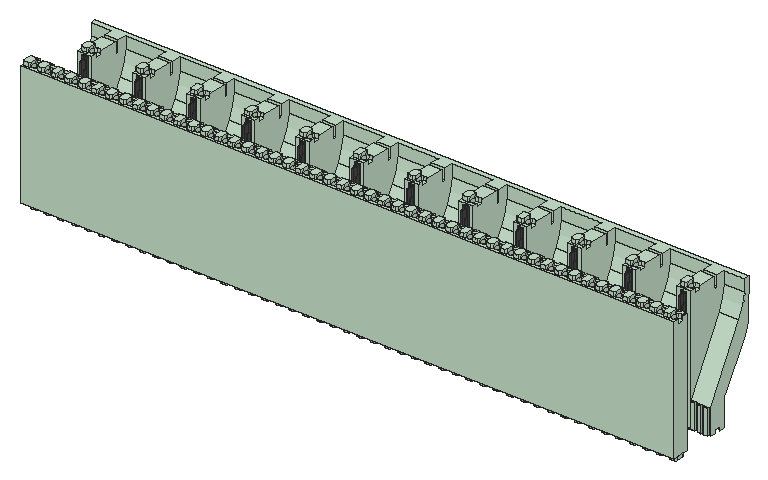
Revit family "ICF- NUDURA 4-inch- Brick Ledge Form Unit- Imperial", category Generic Models, Revit 2011 (continued)
Forms (in)
  Extrusion 166, solid, material "NUDURA Expanded Polystyrene Foam Insulation"
    sketch origin (0, -1, 0) x (0, 1, 0) y (0, 0, 1)
      loop
        line (9.425, 18) -> (8.125, 18) -> (8.125, 16.5)
        arc (8.125, 16.5) -> (7.875, 16.25) -> (7.625, 16.5) r 0.25
        line (7.625, 16.5) -> (7.625, 18) -> (3.25, 18) -> (3.25, 3.625) -> (8.425, 13)
        arc (8.425, 13) -> (9.05432, 14.58521) -> (9.425, 16.25) r 10.75
        line (9.425, 16.25) -> (9.425, 18)
    from 59 to 61
  Extrusion 167, solid, material "NUDURA Expanded Polystyrene Foam Insulation"
    sketch origin (0, -1, 0) x (0, 1, 0) y (0, 0, 1)
      loop
        line (9.425, 18) -> (8.125, 18) -> (8.125, 16.5)
        arc (8.125, 16.5) -> (7.875, 16.25) -> (7.625, 16.5) r 0.25
        line (7.625, 16.5) -> (7.625, 18) -> (3.25, 18) -> (3.25, 3.625) -> (8.425, 13)
        arc (8.425, 13) -> (9.05432, 14.58521) -> (9.425, 16.25) r 10.75
        line (9.425, 16.25) -> (9.425, 18)
    from 67 to 69
  Extrusion 168, solid, material "NUDURA Expanded Polystyrene Foam Insulation"
    sketch origin (0, -1, 0) x (0, 1, 0) y (0, 0, 1)
      loop
        line (9.425, 18) -> (8.125, 18) -> (8.125, 16.5)
        arc (8.125, 16.5) -> (7.875, 16.25) -> (7.625, 16.5) r 0.25
        line (7.625, 16.5) -> (7.625, 18) -> (3.25, 18) -> (3.25, 3.625) -> (8.425, 13)
        arc (8.425, 13) -> (9.05432, 14.58521) -> (9.425, 16.25) r 10.75
        line (9.425, 16.25) -> (9.425, 18)
    from 75 to 77
  Extrusion 169, solid, material "NUDURA Expanded Polystyrene Foam Insulation"
    sketch origin (0, -1, 0) x (0, 1, 0) y (0, 0, 1)
      loop
        line (9.425, 18) -> (8.125, 18) -> (8.125, 16.5)
        arc (8.125, 16.5) -> (7.875, 16.25) -> (7.625, 16.5) r 0.25
        line (7.625, 16.5) -> (7.625, 18) -> (3.25, 18) -> (3.25, 3.625) -> (8.425, 13)
        arc (8.425, 13) -> (9.05432, 14.58521) -> (9.425, 16.25) r 10.75
        line (9.425, 16.25) -> (9.425, 18)
    from 83 to 85
  Extrusion 170, solid, material "NUDURA Expanded Polystyrene Foam Insulation"
    sketch origin (0, -1, 0) x (0, 1, 0) y (0, 0, 1)
      loop
        line (9.425, 18) -> (8.125, 18) -> (8.125, 16.5)
        arc (8.125, 16.5) -> (7.875, 16.25) -> (7.625, 16.5) r 0.25
        line (7.625, 16.5) -> (7.625, 18) -> (3.25, 18) -> (3.25, 3.625) -> (8.425, 13)
        arc (8.425, 13) -> (9.05432, 14.58521) -> (9.425, 16.25) r 10.75
        line (9.425, 16.25) -> (9.425, 18)
    from 91 to 93
  Extrusion 171, solid, material "NUDURA Expanded Polystyrene Foam Insulation"
    sketch origin (0, -1, 0) x (1, 0, 0) y (0, 1, 0)
      loop
        line (95.21883, 3) -> (95.78117, 3) -> (95.71883, 3.25) -> (95.28117, 3.25) -> (95.21883, 3)
      loop
        line (94.21883, 3) -> (94.78117, 3) -> (94.71883, 3.25) -> (94.28117, 3.25) -> (94.21883, 3)
      loop
        line (93.21883, 3) -> (93.78117, 3) -> (93.71883, 3.25) -> (93.28117, 3.25) -> (93.21883, 3)
      loop
        line (90.21883, 3) -> (90.78117, 3) -> (90.71883, 3.25) -> (90.28117, 3.25) -> (90.21883, 3)
      loop
        line (89.21883, 3) -> (89.78117, 3) -> (89.71883, 3.25) -> (89.28117, 3.25) -> (89.21883, 3)
      loop
        line (88.21883, 3) -> (88.78117, 3) -> (88.71883, 3.25) -> (88.28117, 3.25) -> (88.21883, 3)
      loop
        line (87.21883, 3) -> (87.78117, 3) -> (87.71883, 3.25) -> (87.28117, 3.25) -> (87.21883, 3)
      loop
        line (86.21883, 3) -> (86.78117, 3) -> (86.71883, 3.25) -> (86.28117, 3.25) -> (86.21883, 3)
      loop
        line (85.21883, 3) -> (85.78117, 3) -> (85.71883, 3.25) -> (85.28117, 3.25) -> (85.21883, 3)
      loop
        line (82.21883, 3) -> (82.78117, 3) -> (82.71883, 3.25) -> (82.28117, 3.25) -> (82.21883, 3)
      loop
        line (81.21883, 3) -> (81.78117, 3) -> (81.71883, 3.25) -> (81.28117, 3.25) -> (81.21883, 3)
      loop
        line (80.21883, 3) -> (80.78117, 3) -> (80.71883, 3.25) -> (80.28117, 3.25) -> (80.21883, 3)
      loop
        line (79.21883, 3) -> (79.78117, 3) -> (79.71883, 3.25) -> (79.28117, 3.25) -> (79.21883, 3)
      loop
        line (78.21883, 3) -> (78.78117, 3) -> (78.71883, 3.25) -> (78.28117, 3.25) -> (78.21883, 3)
      loop
        line (77.21883, 3) -> (77.78117, 3) -> (77.71883, 3.25) -> (77.28117, 3.25) -> (77.21883, 3)
      loop
        line (74.21883, 3) -> (74.78117, 3) -> (74.71883, 3.25) -> (74.28117, 3.25) -> (74.21883, 3)
      loop
        line (73.21883, 3) -> (73.78117, 3) -> (73.71883, 3.25) -> (73.28117, 3.25) -> (73.21883, 3)
      loop
        line (72.21883, 3) -> (72.78117, 3) -> (72.71883, 3.25) -> (72.28117, 3.25) -> (72.21883, 3)
      loop
        line (71.21883, 3) -> (71.78117, 3) -> (71.71883, 3.25) -> (71.28117, 3.25) -> (71.21883, 3)
      loop
        line (70.21883, 3) -> (70.78117, 3) -> (70.71883, 3.25) -> (70.28117, 3.25) -> (70.21883, 3)
      loop
        line (69.21883, 3) -> (69.78117, 3) -> (69.71883, 3.25) -> (69.28117, 3.25) -> (69.21883, 3)
      loop
        line (66.21883, 3) -> (66.78117, 3) -> (66.71883, 3.25) -> (66.28117, 3.25) -> (66.21883, 3)
      loop
        line (65.21883, 3) -> (65.78117, 3) -> (65.71883, 3.25) -> (65.28117, 3.25) -> (65.21883, 3)
      loop
        line (64.21883, 3) -> (64.78117, 3) -> (64.71883, 3.25) -> (64.28117, 3.25) -> (64.21883, 3)
      loop
        line (63.21883, 3) -> (63.78117, 3) -> (63.71883, 3.25) -> (63.28117, 3.25) -> (63.21883, 3)
      loop
        line (62.21883, 3) -> (62.78117, 3) -> (62.71883, 3.25) -> (62.28117, 3.25) -> (62.21883, 3)
      loop
        line (61.21883, 3) -> (61.78117, 3) -> (61.71883, 3.25) -> (61.28117, 3.25) -> (61.21883, 3)
      loop
        line (58.21883, 3) -> (58.78117, 3) -> (58.71883, 3.25) -> (58.28117, 3.25) -> (58.21883, 3)
      loop
        line (57.21883, 3) -> (57.78117, 3) -> (57.71883, 3.25) -> (57.28117, 3.25) -> (57.21883, 3)
      loop
        line (56.21883, 3) -> (56.78117, 3) -> (56.71883, 3.25) -> (56.28117, 3.25) -> (56.21883, 3)
      loop
        line (55.21883, 3) -> (55.78117, 3) -> (55.71883, 3.25) -> (55.28117, 3.25) -> (55.21883, 3)
      loop
        line (54.21883, 3) -> (54.78117, 3) -> (54.71883, 3.25) -> (54.28117, 3.25) -> (54.21883, 3)
      loop
        line (53.21883, 3) -> (53.78117, 3) -> (53.71883, 3.25) -> (53.28117, 3.25) -> (53.21883, 3)
      loop
        line (50.21883, 3) -> (50.78117, 3) -> (50.71883, 3.25) -> (50.28117, 3.25) -> (50.21883, 3)
      loop
        line (49.21883, 3) -> (49.78117, 3) -> (49.71883, 3.25) -> (49.28117, 3.25) -> (49.21883, 3)
      loop
        line (48.21883, 3) -> (48.78117, 3) -> (48.71883, 3.25) -> (48.28117, 3.25) -> (48.21883, 3)
      loop
        line (47.21883, 3) -> (47.78117, 3) -> (47.71883, 3.25) -> (47.28117, 3.25) -> (47.21883, 3)
      loop
        line (46.21883, 3) -> (46.78117, 3) -> (46.71883, 3.25) -> (46.28117, 3.25) -> (46.21883, 3)
      loop
        line (45.21883, 3) -> (45.78117, 3) -> (45.71883, 3.25) -> (45.28117, 3.25) -> (45.21883, 3)
      loop
        line (42.21883, 3) -> (42.78117, 3) -> (42.71883, 3.25) -> (42.28117, 3.25) -> (42.21883, 3)
      loop
        line (41.21883, 3) -> (41.78117, 3) -> (41.71883, 3.25) -> (41.28117, 3.25) -> (41.21883, 3)
      loop
        line (40.21883, 3) -> (40.78117, 3) -> (40.71883, 3.25) -> (40.28117, 3.25) -> (40.21883, 3)
      loop
        line (39.21883, 3) -> (39.78117, 3) -> (39.71883, 3.25) -> (39.28117, 3.25) -> (39.21883, 3)
      loop
        line (38.21883, 3) -> (38.78117, 3) -> (38.71883, 3.25) -> (38.28117, 3.25) -> (38.21883, 3)
      loop
        line (37.21883, 3) -> (37.78117, 3) -> (37.71883, 3.25) -> (37.28117, 3.25) -> (37.21883, 3)
      loop
        line (34.21883, 3) -> (34.78117, 3) -> (34.71883, 3.25) -> (34.28117, 3.25) -> (34.21883, 3)
      loop
        line (33.21883, 3) -> (33.78117, 3) -> (33.71883, 3.25) -> (33.28117, 3.25) -> (33.21883, 3)
      loop
        line (32.21883, 3) -> (32.78117, 3) -> (32.71883, 3.25) -> (32.28117, 3.25) -> (32.21883, 3)
      loop
        line (31.21883, 3) -> (31.78117, 3) -> (31.71883, 3.25) -> (31.28117, 3.25) -> (31.21883, 3)
      loop
        line (30.21883, 3) -> (30.78117, 3) -> (30.71883, 3.25) -> (30.28117, 3.25) -> (30.21883, 3)
      loop
        line (29.21883, 3) -> (29.78117, 3) -> (29.71883, 3.25) -> (29.28117, 3.25) -> (29.21883, 3)
      loop
        line (26.21883, 3) -> (26.78117, 3) -> (26.71883, 3.25) -> (26.28117, 3.25) -> (26.21883, 3)
      loop
        line (25.21883, 3) -> (25.78117, 3) -> (25.71883, 3.25) -> (25.28117, 3.25) -> (25.21883, 3)
      loop
        line (24.21883, 3) -> (24.78117, 3) -> (24.71883, 3.25) -> (24.28117, 3.25) -> (24.21883, 3)
      loop
        line (23.21883, 3) -> (23.78117, 3) -> (23.71883, 3.25) -> (23.28117, 3.25) -> (23.21883, 3)
      loop
        line (22.21883, 3) -> (22.78117, 3) -> (22.71883, 3.25) -> (22.28117, 3.25) -> (22.21883, 3)
      loop
        line (21.21883, 3) -> (21.78117, 3) -> (21.71883, 3.25) -> (21.28117, 3.25) -> (21.21883, 3)
      loop
        line (18.21883, 3) -> (18.78117, 3) -> (18.71883, 3.25) -> (18.28117, 3.25) -> (18.21883, 3)
      loop
        line (17.21883, 3) -> (17.78117, 3) -> (17.71883, 3.25) -> (17.28117, 3.25) -> (17.21883, 3)
      loop
        line (16.21883, 3) -> (16.78117, 3) -> (16.71883, 3.25) -> (16.28117, 3.25) -> (16.21883, 3)
      loop
        line (15.21883, 3) -> (15.78117, 3) -> (15.71883, 3.25) -> (15.28117, 3.25) -> (15.21883, 3)
      loop
        line (14.21883, 3) -> (14.78117, 3) -> (14.71883, 3.25) -> (14.28117, 3.25) -> (14.21883, 3)
      loop
        line (13.21883, 3) -> (13.78117, 3) -> (13.71883, 3.25) -> (13.28117, 3.25) -> (13.21883, 3)
      loop
        line (10.21883, 3) -> (10.78117, 3) -> (10.71883, 3.25) -> (10.28117, 3.25) -> (10.21883, 3)
      loop
        line (9.21883, 3) -> (9.78117, 3) -> (9.71883, 3.25) -> (9.28117, 3.25) -> (9.21883, 3)
      loop
        line (8.21883, 3) -> (8.78117, 3) -> (8.71883, 3.25) -> (8.28117, 3.25) -> (8.21883, 3)
      loop
        line (7.21883, 3) -> (7.78117, 3) -> (7.71883, 3.25) -> (7.28117, 3.25) -> (7.21883, 3)
      loop
        line (6.21883, 3) -> (6.78117, 3) -> (6.71883, 3.25) -> (6.28117, 3.25) -> (6.21883, 3)
      loop
        line (5.21883, 3) -> (5.78117, 3) -> (5.71883, 3.25) -> (5.28117, 3.25) -> (5.21883, 3)
      loop
        line (2.21883, 3) -> (2.78117, 3) -> (2.71883, 3.25) -> (2.28117, 3.25) -> (2.21883, 3)
      loop
        line (1.21883, 3) -> (1.78117, 3) -> (1.71883, 3.25) -> (1.28117, 3.25) -> (1.21883, 3)
      loop
        line (0.21883, 3) -> (0.78117, 3) -> (0.71883, 3.25) -> (0.28117, 3.25) -> (0.21883, 3)
    from 0 to 3.625
Cuts and joins
  Extrusion 2, Extrusion 3, Extrusion 4, Extrusion 5, Extrusion 6, Extrusion 7, Extrusion 8, Extrusion 9, Extrusion 10, Extrusion 11, Extrusion 12, Extrusion 13, Extrusion 14, Extrusion 15, Extrusion 16, Extrusion 17, Extrusion 18, Extrusion 19, Extrusion 20, Extrusion 21, Extrusion 22, Extrusion 23, Extrusion 24, Extrusion 25, Extrusion 26, Extrusion 27, Extrusion 28, Extrusion 29, Extrusion 30, Extrusion 31, Extrusion 32, Extrusion 33, Extrusion 34, Extrusion 35, Extrusion 36, Extrusion 37, Extrusion 38, Extrusion 39, Extrusion 40, Extrusion 41, Extrusion 42, Extrusion 43, Extrusion 44, Extrusion 45, Extrusion 46, Extrusion 47, Extrusion 48, Extrusion 49, Extrusion 50, Extrusion 51, Extrusion 52, Extrusion 53, Extrusion 54, Extrusion 55, Extrusion 56, Extrusion 57, Extrusion 58, Extrusion 59, Extrusion 60, Extrusion 61, Extrusion 62, Extrusion 63, Extrusion 64, Extrusion 65, Extrusion 66, Extrusion 67, Extrusion 68, Extrusion 69, Extrusion 70, Extrusion 71, Extrusion 72, Extrusion 73, Extrusion 74, Extrusion 75, Extrusion 76, Extrusion 77, Extrusion 78, Extrusion 79, Extrusion 80, Extrusion 81, Extrusion 82, Extrusion 83, Extrusion 84, Extrusion 85, Extrusion 86, Extrusion 87, Extrusion 88, Extrusion 89, Extrusion 90, Extrusion 91, Extrusion 92, Extrusion 93, Extrusion 94, Extrusion 95, Extrusion 96, Extrusion 97, Extrusion 98, Extrusion 99, Extrusion 100, Extrusion 101, Extrusion 102, Extrusion 103, Extrusion 104, Extrusion 105, Extrusion 106, Extrusion 107, Extrusion 108, Extrusion 109, Extrusion 110, Extrusion 111, Extrusion 112, Extrusion 113, Extrusion 114, Extrusion 115, Extrusion 116, Extrusion 117, Extrusion 118, Extrusion 119, Extrusion 120, Extrusion 121, Extrusion 122, Extrusion 123, Extrusion 124, Extrusion 125, Extrusion 126, Extrusion 127, Extrusion 128, Extrusion 129, Extrusion 130, Extrusion 131, Extrusion 132, Extrusion 133, Extrusion 134, Extrusion 135, Extrusion 136, Extrusion 137, Extrusion 138, Extrusion 139, Extrusion 140, Extrusion 141, Extrusion 142, Extrusion 143, Extrusion 144, Extrusion 145, Extrusion 146, Extrusion 147, Extrusion 148, Extrusion 149, Extrusion 150, Extrusion 151, Extrusion 152, Extrusion 153, Extrusion 154, Extrusion 155, Extrusion 156, Extrusion 157 cuts Extrusion 1
  Extrusion 110, Extrusion 111, Extrusion 112, Extrusion 113, Extrusion 114, Extrusion 115, Extrusion 116, Extrusion 117, Extrusion 118, Extrusion 119, Extrusion 120, Extrusion 121, Extrusion 122, Extrusion 123, Extrusion 124, Extrusion 125, Extrusion 126, Extrusion 127, Extrusion 128, Extrusion 129, Extrusion 130, Extrusion 131, Extrusion 132, Extrusion 133, Extrusion 134, Extrusion 135, Extrusion 136, Extrusion 137, Extrusion 138, Extrusion 139, Extrusion 140, Extrusion 141, Extrusion 142, Extrusion 143, Extrusion 144, Extrusion 145, Extrusion 146, Extrusion 147, Extrusion 148, Extrusion 149, Extrusion 150, Extrusion 151, Extrusion 152, Extrusion 153, Extrusion 154, Extrusion 155, Extrusion 156, Extrusion 157 cuts Extrusion 158
  Extrusion 61 cuts Extrusion 159
  Extrusion 60 cuts Extrusion 160
  Extrusion 59 cuts Extrusion 161
  Extrusion 58 cuts Extrusion 162
  Extrusion 57 cuts Extrusion 163
  Extrusion 56 cuts Extrusion 164
  Extrusion 55 cuts Extrusion 165
  Extrusion 54 cuts Extrusion 166
  Extrusion 53 cuts Extrusion 167
  Extrusion 52 cuts Extrusion 168
  Extrusion 51 cuts Extrusion 169
  Extrusion 50 cuts Extrusion 170
  joined: Extrusion 158, Extrusion 159, Extrusion 160, Extrusion 161, Extrusion 162, Extrusion 163, Extrusion 164, Extrusion 165, Extrusion 166, Extrusion 167, Extrusion 168, Extrusion 169, Extrusion 170, Extrusion 171
Lines and regions (in)
  model lines
    curve 1: line (8, -4.625, 18) -> (8, -4.625, 0)
Dimensions and locks (in)
  locked: plane 3 "Center (Left/Right)" to plane 4 at 96
  locked: plane 6 to plane 5 at 4
  locked: plane 5 to plane 7 at 2.625
  locked: plane 8 to plane 6 at 2.625
  locked: plane 9 to level at 18
  locked: plane 4 to plane 3 "Center (Left/Right)" at 96
  locked: plane 9 to plane 10 at 0.5
  locked: plane 11 to level at 0.5
  aligned and locked: plane 9 to Extrusion 1
  aligned and locked: Extrusion 1 to plane 3 "Center (Left/Right)"
  aligned and locked: plane 4 to Extrusion 1
  aligned and locked: level to Extrusion 1
  aligned and locked: nested 1 to plane 8
  aligned and locked: nested 115 to cut or joined group 1 (Extrusion 1, Extrusion 2, Extrusion 3, Extrusion 4, Extrusion 5, Extrusion 6, Extrusion 7, Extrusion 8, Extrusion 9, Extrusion 10, Extrusion 11, Extrusion 12, Extrusion 13, Extrusion 14, Extrusion 15, Extrusion 16, Extrusion 17, Extrusion 18, Extrusion 19, Extrusion 20, Extrusion 21, Extrusion 22, Extrusion 23, Extrusion 24, Extrusion 25, Extrusion 26, Extrusion 27, Extrusion 28, Extrusion 29, Extrusion 30, Extrusion 31, Extrusion 32, Extrusion 33, Extrusion 34, Extrusion 35, Extrusion 36, Extrusion 37, Extrusion 38, Extrusion 39, Extrusion 40, Extrusion 41, Extrusion 42, Extrusion 43, Extrusion 44, Extrusion 45, Extrusion 46, Extrusion 47, Extrusion 48, Extrusion 49, Extrusion 50, Extrusion 51, Extrusion 52, Extrusion 53, Extrusion 54, Extrusion 55, Extrusion 56, Extrusion 57, Extrusion 58, Extrusion 59, Extrusion 60, Extrusion 61, Extrusion 62, Extrusion 63, Extrusion 64, Extrusion 65, Extrusion 66, Extrusion 67, Extrusion 68, Extrusion 69, Extrusion 70, Extrusion 71, Extrusion 72, Extrusion 73, Extrusion 74, Extrusion 75, Extrusion 76, Extrusion 77, Extrusion 78, Extrusion 79, Extrusion 80, Extrusion 81, Extrusion 82, Extrusion 83, Extrusion 84, Extrusion 85, Extrusion 86, Extrusion 87, Extrusion 88, Extrusion 89, Extrusion 90, Extrusion 91, Extrusion 92, Extrusion 93, Extrusion 94, Extrusion 95, Extrusion 96, Extrusion 97, Extrusion 98, Extrusion 99, Extrusion 100, Extrusion 101, Extrusion 102, Extrusion 103, Extrusion 104, Extrusion 105, Extrusion 106, Extrusion 107, Extrusion 108, Extrusion 109, Extrusion 110, Extrusion 111, Extrusion 112, Extrusion 113, Extrusion 114, Extrusion 115, Extrusion 116, Extrusion 117, Extrusion 118, Extrusion 119, Extrusion 120, Extrusion 121, Extrusion 122, Extrusion 123, Extrusion 124, Extrusion 125, Extrusion 126, Extrusion 127, Extrusion 128, Extrusion 129, Extrusion 130, Extrusion 131, Extrusion 132, Extrusion 133, Extrusion 134, Extrusion 135, Extrusion 136, Extrusion 137, Extrusion 138, Extrusion 139, Extrusion 140, Extrusion 141, Extrusion 142, Extrusion 143, Extrusion 144, Extrusion 145, Extrusion 146, Extrusion 147, Extrusion 148, Extrusion 149, Extrusion 150, Extrusion 151, Extrusion 152, Extrusion 153, Extrusion 154, Extrusion 155, Extrusion 156, Extrusion 157)
  aligned and locked: cut or joined group 1 to cut or joined group 2 (Extrusion 50, Extrusion 51, Extrusion 52, Extrusion 53, Extrusion 54, Extrusion 55, Extrusion 56, Extrusion 57, Extrusion 58, Extrusion 59, Extrusion 60, Extrusion 61, Extrusion 110, Extrusion 111, Extrusion 112, Extrusion 113, Extrusion 114, Extrusion 115, Extrusion 116, Extrusion 117, Extrusion 118, Extrusion 119, Extrusion 120, Extrusion 121, Extrusion 122, Extrusion 123, Extrusion 124, Extrusion 125, Extrusion 126, Extrusion 127, Extrusion 128, Extrusion 129, Extrusion 130, Extrusion 131, Extrusion 132, Extrusion 133, Extrusion 134, Extrusion 135, Extrusion 136, Extrusion 137, Extrusion 138, Extrusion 139, Extrusion 140, Extrusion 141, Extrusion 142, Extrusion 143, Extrusion 144, Extrusion 145, Extrusion 146, Extrusion 147, Extrusion 148, Extrusion 149, Extrusion 150, Extrusion 151, Extrusion 152, Extrusion 153, Extrusion 154, Extrusion 155, Extrusion 156, Extrusion 157, Extrusion 158, Extrusion 159, Extrusion 160, Extrusion 161, Extrusion 162, Extrusion 163, Extrusion 164, Extrusion 165, Extrusion 166, Extrusion 167, Extrusion 168, Extrusion 169, Extrusion 170, Extrusion 171)
  aligned and locked: cut or joined group 2 to nested 169
  aligned and locked: cut or joined group 2 to nested 170
Nested families (in)
  nested 1: "NUDURA Diamond Pattern" at (0, 1, 0), type "NUDURA Diamond Pattern"
  nested 2: "NUDURA Diamond Pattern" at (16, 1, 0), type "NUDURA Diamond Pattern"
  nested 3: "NUDURA Diamond Pattern" at (24, 1, 0), type "NUDURA Diamond Pattern"
  nested 4: "NUDURA Diamond Pattern" at (40, 1, 0), type "NUDURA Diamond Pattern"
  nested 5: "NUDURA Diamond Pattern" at (48, 1, 0), type "NUDURA Diamond Pattern"
  nested 6: "NUDURA Diamond Pattern" at (64, 1, 0), type "NUDURA Diamond Pattern"
  nested 7: "NUDURA Diamond Pattern" at (72, 1, 0), type "NUDURA Diamond Pattern"
  nested 8: "NUDURA Diamond Pattern" at (88, 1, 0), type "NUDURA Diamond Pattern"
  nested 9: "Interlock Tooth" at (0, 1, 0), type "Interlock Tooth"
  nested 10: "Interlock Tooth" at (2, 1, 0), type "Interlock Tooth"
  nested 11: "Interlock Tooth" at (4, 1, 0), type "Interlock Tooth"
  nested 12: "Interlock Tooth" at (6, 1, 0), type "Interlock Tooth"
  nested 13: "Interlock Tooth" at (8, 1, 0), type "Interlock Tooth"
  nested 14: "Interlock Tooth" at (10, 1, 0), type "Interlock Tooth"
  nested 15: "Interlock Tooth" at (12, 1, 0), type "Interlock Tooth"
  nested 16: "Interlock Tooth" at (14, 1, 0), type "Interlock Tooth"
  nested 17: "Interlock Tooth" at (16, 1, 0), type "Interlock Tooth"
  nested 18: "Interlock Tooth" at (18, 1, 0), type "Interlock Tooth"
  nested 19: "Interlock Tooth" at (20, 1, 0), type "Interlock Tooth"
  nested 20: "Interlock Tooth" at (22, 1, 0), type "Interlock Tooth"
  nested 21: "Interlock Tooth" at (24, 1, 0), type "Interlock Tooth"
  nested 22: "Interlock Tooth" at (26, 1, 0), type "Interlock Tooth"
  nested 23: "Interlock Tooth" at (28, 1, 0), type "Interlock Tooth"
  nested 24: "Interlock Tooth" at (30, 1, 0), type "Interlock Tooth"
  nested 25: "Interlock Tooth" at (32, 1, 0), type "Interlock Tooth"
  nested 26: "Interlock Tooth" at (34, 1, 0), type "Interlock Tooth"
  nested 27: "Interlock Tooth" at (36, 1, 0), type "Interlock Tooth"
  nested 28: "Interlock Tooth" at (38, 1, 0), type "Interlock Tooth"
  nested 29: "Interlock Tooth" at (40, 1, 0), type "Interlock Tooth"
  nested 30: "Interlock Tooth" at (42, 1, 0), type "Interlock Tooth"
  nested 31: "Interlock Tooth" at (44, 1, 0), type "Interlock Tooth"
  nested 32: "Interlock Tooth" at (46, 1, 0), type "Interlock Tooth"
  nested 33: "Interlock Tooth" at (48, 1, 0), type "Interlock Tooth"
  nested 34: "Interlock Tooth" at (50, 1, 0), type "Interlock Tooth"
  nested 35: "Interlock Tooth" at (52, 1, 0), type "Interlock Tooth"
  nested 36: "Interlock Tooth" at (54, 1, 0), type "Interlock Tooth"
  nested 37: "Interlock Tooth" at (56, 1, 0), type "Interlock Tooth"
  nested 38: "Interlock Tooth" at (58, 1, 0), type "Interlock Tooth"
  nested 39: "Interlock Tooth" at (60, 1, 0), type "Interlock Tooth"
  nested 40: "Interlock Tooth" at (62, 1, 0), type "Interlock Tooth"
  nested 41: "Interlock Tooth" at (64, 1, 0), type "Interlock Tooth"
  nested 42: "Interlock Tooth" at (66, 1, 0), type "Interlock Tooth"
  nested 43: "Interlock Tooth" at (68, 1, 0), type "Interlock Tooth"
  nested 44: "Interlock Tooth" at (70, 1, 0), type "Interlock Tooth"
  nested 45: "Interlock Tooth" at (72, 1, 0), type "Interlock Tooth"
  nested 46: "Interlock Tooth" at (74, 1, 0), type "Interlock Tooth"
  nested 47: "Interlock Tooth" at (76, 1, 0), type "Interlock Tooth"
  nested 48: "Interlock Tooth" at (78, 1, 0), type "Interlock Tooth"
  nested 49: "Interlock Tooth" at (80, 1, 0), type "Interlock Tooth"
  nested 50: "Interlock Tooth" at (82, 1, 0), type "Interlock Tooth"
  nested 51: "Interlock Tooth" at (84, 1, 0), type "Interlock Tooth"
  nested 52: "Interlock Tooth" at (86, 1, 0), type "Interlock Tooth"
  nested 53: "Interlock Tooth" at (88, 1, 0), type "Interlock Tooth"
  nested 54: "Interlock Tooth" at (90, 1, 0), type "Interlock Tooth"
  nested 55: "Interlock Tooth" at (92, 1, 0), type "Interlock Tooth"
  nested 56: "Interlock Tooth" at (94, 1, 0), type "Interlock Tooth"
  nested 57: "Interlock Tooth" at (3, 7.875, 0), type "Interlock Tooth"
  nested 58: "Interlock Tooth" at (11, 7.875, 0), type "Interlock Tooth"
  nested 59: "Interlock Tooth" at (19, 7.875, 0), type "Interlock Tooth"
  nested 60: "Interlock Tooth" at (27, 7.875, 0), type "Interlock Tooth"
  nested 61: "Interlock Tooth" at (35, 7.875, 0), type "Interlock Tooth"
  nested 62: "Interlock Tooth" at (43, 7.875, 0), type "Interlock Tooth"
  nested 63: "Interlock Tooth" at (51, 7.875, 0), type "Interlock Tooth"
  nested 64: "Interlock Tooth" at (59, 7.875, 0), type "Interlock Tooth"
  nested 65: "Interlock Tooth" at (67, 7.875, 0), type "Interlock Tooth"
  nested 66: "Interlock Tooth" at (75, 7.875, 0), type "Interlock Tooth"
  nested 67: "Interlock Tooth" at (83, 7.875, 0), type "Interlock Tooth"
  nested 68: "Interlock Tooth" at (91, 7.875, 0), type "Interlock Tooth"
  nested 69: "Interlock Tooth" at (1, -7.875, -18.5), type "Interlock Tooth"
  nested 70: "Interlock Tooth" at (3, -7.875, -18.5), type "Interlock Tooth"
  nested 71: "Interlock Tooth" at (5, -7.875, -18.5), type "Interlock Tooth"
  nested 72: "Interlock Tooth" at (7, -7.875, -18.5), type "Interlock Tooth"
  nested 73: "Interlock Tooth" at (9, -7.875, -18.5), type "Interlock Tooth"
  nested 74: "Interlock Tooth" at (11, -7.875, -18.5), type "Interlock Tooth"
  nested 75: "Interlock Tooth" at (13, -7.875, -18.5), type "Interlock Tooth"
  nested 76: "Interlock Tooth" at (15, -7.875, -18.5), type "Interlock Tooth"
  nested 77: "Interlock Tooth" at (17, -7.875, -18.5), type "Interlock Tooth"
  nested 78: "Interlock Tooth" at (19, -7.875, -18.5), type "Interlock Tooth"
  nested 79: "Interlock Tooth" at (21, -7.875, -18.5), type "Interlock Tooth"
  nested 80: "Interlock Tooth" at (23, -7.875, -18.5), type "Interlock Tooth"
  nested 81: "Interlock Tooth" at (25, -7.875, -18.5), type "Interlock Tooth"
  nested 82: "Interlock Tooth" at (27, -7.875, -18.5), type "Interlock Tooth"
  nested 83: "Interlock Tooth" at (29, -7.875, -18.5), type "Interlock Tooth"
  nested 84: "Interlock Tooth" at (31, -7.875, -18.5), type "Interlock Tooth"
  nested 85: "Interlock Tooth" at (33, -7.875, -18.5), type "Interlock Tooth"
  nested 86: "Interlock Tooth" at (35, -7.875, -18.5), type "Interlock Tooth"
  nested 87: "Interlock Tooth" at (37, -7.875, -18.5), type "Interlock Tooth"
  nested 88: "Interlock Tooth" at (39, -7.875, -18.5), type "Interlock Tooth"
  nested 89: "Interlock Tooth" at (41, -7.875, -18.5), type "Interlock Tooth"
  nested 90: "Interlock Tooth" at (43, -7.875, -18.5), type "Interlock Tooth"
  nested 91: "Interlock Tooth" at (45, -7.875, -18.5), type "Interlock Tooth"
  nested 92: "Interlock Tooth" at (47, -7.875, -18.5), type "Interlock Tooth"
  nested 93: "Interlock Tooth" at (49, -7.875, -18.5), type "Interlock Tooth"
  nested 94: "Interlock Tooth" at (51, -7.875, -18.5), type "Interlock Tooth"
  nested 95: "Interlock Tooth" at (53, -7.875, -18.5), type "Interlock Tooth"
  nested 96: "Interlock Tooth" at (55, -7.875, -18.5), type "Interlock Tooth"
  nested 97: "Interlock Tooth" at (57, -7.875, -18.5), type "Interlock Tooth"
  nested 98: "Interlock Tooth" at (59, -7.875, -18.5), type "Interlock Tooth"
  nested 99: "Interlock Tooth" at (61, -7.875, -18.5), type "Interlock Tooth"
  nested 100: "Interlock Tooth" at (63, -7.875, -18.5), type "Interlock Tooth"
  nested 101: "Interlock Tooth" at (65, -7.875, -18.5), type "Interlock Tooth"
  nested 102: "Interlock Tooth" at (67, -7.875, -18.5), type "Interlock Tooth"
  nested 103: "Interlock Tooth" at (69, -7.875, -18.5), type "Interlock Tooth"
  nested 104: "Interlock Tooth" at (71, -7.875, -18.5), type "Interlock Tooth"
  nested 105: "Interlock Tooth" at (73, -7.875, -18.5), type "Interlock Tooth"
  nested 106: "Interlock Tooth" at (75, -7.875, -18.5), type "Interlock Tooth"
  nested 107: "Interlock Tooth" at (77, -7.875, -18.5), type "Interlock Tooth"
  nested 108: "Interlock Tooth" at (79, -7.875, -18.5), type "Interlock Tooth"
  nested 109: "Interlock Tooth" at (81, -7.875, -18.5), type "Interlock Tooth"
  nested 110: "Interlock Tooth" at (85, -7.875, -18.5), type "Interlock Tooth"
  nested 111: "Interlock Tooth" at (87, -7.875, -18.5), type "Interlock Tooth"
  nested 112: "Interlock Tooth" at (89, -7.875, -18.5), type "Interlock Tooth"
  nested 113: "Interlock Tooth" at (91, -7.875, -18.5), type "Interlock Tooth"
  nested 114: "Interlock Tooth" at (93, -7.875, -18.5), type "Interlock Tooth"
  nested 115: "Interlock Tooth" at (95, -7.875, -18.5), type "Interlock Tooth"
  nested 116: "Interlock Tooth" at (0, -1, -18.5), type "Interlock Tooth"
  nested 117: "Interlock Tooth" at (2, -1, -18.5), type "Interlock Tooth"
  nested 118: "Interlock Tooth" at (4, -1, -18.5), type "Interlock Tooth"
  nested 119: "Interlock Tooth" at (6, -1, -18.5), type "Interlock Tooth"
  nested 120: "Interlock Tooth" at (8, -1, -18.5), type "Interlock Tooth"
  nested 121: "Interlock Tooth" at (10, -1, -18.5), type "Interlock Tooth"
  nested 122: "Interlock Tooth" at (12, -1, -18.5), type "Interlock Tooth"
  nested 123: "Interlock Tooth" at (14, -1, -18.5), type "Interlock Tooth"
  nested 124: "Interlock Tooth" at (16, -1, -18.5), type "Interlock Tooth"
  nested 125: "Interlock Tooth" at (18, -1, -18.5), type "Interlock Tooth"
  nested 126: "Interlock Tooth" at (20, -1, -18.5), type "Interlock Tooth"
  nested 127: "Interlock Tooth" at (22, -1, -18.5), type "Interlock Tooth"
  nested 128: "Interlock Tooth" at (24, -1, -18.5), type "Interlock Tooth"
  nested 129: "Interlock Tooth" at (26, -1, -18.5), type "Interlock Tooth"
  nested 130: "Interlock Tooth" at (28, -1, -18.5), type "Interlock Tooth"
  nested 131: "Interlock Tooth" at (30, -1, -18.5), type "Interlock Tooth"
  nested 132: "Interlock Tooth" at (32, -1, -18.5), type "Interlock Tooth"
  nested 133: "Interlock Tooth" at (34, -1, -18.5), type "Interlock Tooth"
  nested 134: "Interlock Tooth" at (36, -1, -18.5), type "Interlock Tooth"
  nested 135: "Interlock Tooth" at (38, -1, -18.5), type "Interlock Tooth"
  nested 136: "Interlock Tooth" at (40, -1, -18.5), type "Interlock Tooth"
  nested 137: "Interlock Tooth" at (42, -1, -18.5), type "Interlock Tooth"
  nested 138: "Interlock Tooth" at (44, -1, -18.5), type "Interlock Tooth"
  nested 139: "Interlock Tooth" at (46, -1, -18.5), type "Interlock Tooth"
  nested 140: "Interlock Tooth" at (48, -1, -18.5), type "Interlock Tooth"
  nested 141: "Interlock Tooth" at (50, -1, -18.5), type "Interlock Tooth"
  nested 142: "Interlock Tooth" at (52, -1, -18.5), type "Interlock Tooth"
  nested 143: "Interlock Tooth" at (54, -1, -18.5), type "Interlock Tooth"
  nested 144: "Interlock Tooth" at (56, -1, -18.5), type "Interlock Tooth"
  nested 145: "Interlock Tooth" at (58, -1, -18.5), type "Interlock Tooth"
  nested 146: "Interlock Tooth" at (60, -1, -18.5), type "Interlock Tooth"
  nested 147: "Interlock Tooth" at (62, -1, -18.5), type "Interlock Tooth"
  nested 148: "Interlock Tooth" at (64, -1, -18.5), type "Interlock Tooth"
  nested 149: "Interlock Tooth" at (66, -1, -18.5), type "Interlock Tooth"
  nested 150: "Interlock Tooth" at (68, -1, -18.5), type "Interlock Tooth"
  nested 151: "Interlock Tooth" at (70, -1, -18.5), type "Interlock Tooth"
  nested 152: "Interlock Tooth" at (72, -1, -18.5), type "Interlock Tooth"
  nested 153: "Interlock Tooth" at (74, -1, -18.5), type "Interlock Tooth"
  nested 154: "Interlock Tooth" at (76, -1, -18.5), type "Interlock Tooth"
  nested 155: "Interlock Tooth" at (78, -1, -18.5), type "Interlock Tooth"
  nested 156: "Interlock Tooth" at (80, -1, -18.5), type "Interlock Tooth"
  nested 157: "Interlock Tooth" at (82, -1, -18.5), type "Interlock Tooth"
  nested 158: "Interlock Tooth" at (84, -1, -18.5), type "Interlock Tooth"
  nested 159: "Interlock Tooth" at (86, -1, -18.5), type "Interlock Tooth"
  nested 160: "Interlock Tooth" at (88, -1, -18.5), type "Interlock Tooth"
  nested 161: "Interlock Tooth" at (90, -1, -18.5), type "Interlock Tooth"
  nested 162: "Interlock Tooth" at (92, -1, -18.5), type "Interlock Tooth"
  nested 163: "Interlock Tooth" at (94, -1, -18.5), type "Interlock Tooth"
  nested 164: "NUDURA Logo Diamond" at (0, -4.625, 0), type "NUDURA Logo Diamond"
  nested 165: "NUDURA Logo Diamond" at (24, -4.625, 0), type "NUDURA Logo Diamond"
  nested 166: "NUDURA Logo Diamond" at (48, -4.625, 0), type "NUDURA Logo Diamond"
  nested 167: "NUDURA Logo Diamond" at (72, -4.625, 0), type "NUDURA Logo Diamond"
  nested 168: "NUDURA Brick Ledge Diamond Pattern" at (88, 10.25, 0), type "NUDURA Brick Ledge Diamond Pattern"
  nested 169: "NUDURA Brick Ledge Diamond Pattern" at (80, 10.25, 0), type "NUDURA Brick Ledge Diamond Pattern"
  nested 170: "NUDURA Brick Ledge Diamond Pattern" at (72, 10.25, 0), type "NUDURA Brick Ledge Diamond Pattern"
  nested 171: "NUDURA Brick Ledge Diamond Pattern" at (64, 10.25, 0), type "NUDURA Brick Ledge Diamond Pattern"
  nested 172: "NUDURA Brick Ledge Diamond Pattern" at (56, 10.25, 0), type "NUDURA Brick Ledge Diamond Pattern"
  nested 173: "NUDURA Brick Ledge Diamond Pattern" at (48, 10.25, 0), type "NUDURA Brick Ledge Diamond Pattern"
  nested 174: "NUDURA Brick Ledge Diamond Pattern" at (40, 10.25, 0), type "NUDURA Brick Ledge Diamond Pattern"
  nested 175: "NUDURA Brick Ledge Diamond Pattern" at (32, 10.25, 0), type "NUDURA Brick Ledge Diamond Pattern"
  nested 176: "NUDURA Brick Ledge Diamond Pattern" at (24, 10.25, 0), type "NUDURA Brick Ledge Diamond Pattern"
  nested 177: "NUDURA Brick Ledge Diamond Pattern" at (16, 10.25, 0), type "NUDURA Brick Ledge Diamond Pattern"
  nested 178: "NUDURA Brick Ledge Diamond Pattern" at (8, 10.25, 0), type "NUDURA Brick Ledge Diamond Pattern"
  nested 179: "NUDURA Brick Ledge Diamond Pattern" at (0, 10.25, 0), type "NUDURA Brick Ledge Diamond Pattern"
  nested 180: "4-inch Insert Web" at (4, 0, 0), type "4-inch Insert Web"
  nested 181: "4-inch Insert Web" at (12, 0, 0), type "4-inch Insert Web"
  nested 182: "4-inch Insert Web" at (20, 0, 0), type "4-inch Insert Web"
  nested 183: "4-inch Insert Web" at (28, 0, 0), type "4-inch Insert Web"
  nested 184: "4-inch Insert Web" at (36, 0, 0), type "4-inch Insert Web"
  nested 185: "4-inch Insert Web" at (44, 0, 0), type "4-inch Insert Web"
  nested 186: "4-inch Insert Web" at (52, 0, 0), type "4-inch Insert Web"
  nested 187: "4-inch Insert Web" at (60, 0, 0), type "4-inch Insert Web"
  nested 188: "4-inch Insert Web" at (68, 0, 0), type "4-inch Insert Web"
  nested 189: "4-inch Insert Web" at (76, 0, 0), type "4-inch Insert Web"
  nested 190: "4-inch Insert Web" at (84, 0, 0), type "4-inch Insert Web"
  nested 191: "4-inch Insert Web" at (92, 0, 0), type "4-inch Insert Web"
  nested 192: "Interlock Tooth" at (83, -7.875, -18.5), type "Interlock Tooth"
Definition of nested family "Interlock Tooth"
  Reference planes (in)
    plane 1 "Center (Front/Back)": y = 0
    plane 2: z = 0
    plane 3 "Center (Left/Right)": x = 0
    plane 4: z = 18
    plane 5: z = 18.5
    plane 6: z = -0.5
  Forms (in)
    Extrusion 1, solid, material "NUDURA Expanded Polystyrene Foam Insulation"
      sketch origin (0, -8.875, 0) x (1, 0, 0) y (0, 1, 0)
        loop
          arc (0, 3.97692) -> (0.04785, 3.82983) -> (0.17308, 3.73905) r 0.25
          arc (0.17308, 3.73905) -> (0.5, 3.6875) -> (0.82692, 3.73905) r 1.0625
          arc (0.82692, 3.73905) -> (0.95215, 3.82983) -> (1, 3.97692) r 0.25
          line (1, 3.97692) -> (1, 4.89808)
          arc (1, 4.89808) -> (0.95215, 5.04517) -> (0.82692, 5.13595) r 0.25
          arc (0.82692, 5.13595) -> (0.5, 5.1875) -> (0.17308, 5.13595) r 1.0625
          arc (0.17308, 5.13595) -> (0.04785, 5.04517) -> (0, 4.89808) r 0.25
          line (0, 4.89808) -> (0, 3.97692)
      from 18 to 18.5
  Dimensions and locks (in)
    locked: plane 4 to level at 18
    locked: plane 4 to plane 5 at 0.5
    locked: plane 6 to level at 0.5
Definition of nested family "4-inch Insert Web"
  Reference planes (in)
    plane 1 "Center (Front/Back)": y = 0
    plane 2: z = 0
    plane 3 "Center (Left/Right)": x = 0
  Forms (in)
    Extrusion 1, solid, material "High Density Polystyrene"
      sketch origin (0, 0, 0) x (0, 1, 0) y (0, 0, 1)
        loop
          line (2.25, 0) -> (2.25, 17.74583)
          arc (2.25, 17.74583) -> (2.22112, 17.72608) -> (2.21, 17.69292) r 0.055
          line (2.21, 17.69292) -> (2.21, 0.05292)
          arc (2.21, 0.05292) -> (2.22112, 0.01975) -> (2.25, 0) r 0.055
        loop
          arc (-2.25, 0) -> (-2.22112, 0.01975) -> (-2.21, 0.05292) r 0.055
          line (-2.21, 0.05292) -> (-2.21, 17.69292)
          arc (-2.21, 17.69292) -> (-2.22112, 17.72608) -> (-2.25, 17.74583) r 0.055
          line (-2.25, 17.74583) -> (-2.25, 0)
      from 0.36328 to -0.36328
    Extrusion 2, solid, material "High Density Polystyrene"
      sketch origin (0, 0, 0) x (0, 1, 0) y (0, 0, 1)
        loop
          arc (2.18889, 17.40785) -> (2.20374, 17.40241) -> (2.21, 17.38789) r 0.02
          line (2.21, 17.38789) -> (2.21, 17.63668)
          arc (2.21, 17.63668) -> (2.20585, 17.62147) -> (2.19457, 17.61045) r 0.03
          line (2.19457, 17.61045) -> (2.12543, 17.57204)
          arc (2.12543, 17.57204) -> (2.11414, 17.56103) -> (2.11, 17.54582) r 0.03
          line (2.11, 17.54582) -> (2.11, 17.42461)
          arc (2.11, 17.42461) -> (2.11625, 17.41008) -> (2.13111, 17.40464) r 0.02
          line (2.13111, 17.40464) -> (2.18889, 17.40785)
        loop
          line (2, 17.20772) -> (1.925, 17.43772)
          arc (1.925, 17.43772) -> (1.875, 17.46772) -> (1.825, 17.43772) r 0.05667
          line (1.825, 17.43772) -> (1.77609, 17.28772) -> (1.64893, 17.28772)
          arc (1.64893, 17.28772) -> (1.61433, 17.27339) -> (1.6, 17.2388) r 0.04893
          line (1.6, 17.2388) -> (1.6, 17.20772) -> (1.5, 17.20772) -> (1.5, 15.41964)
          arc (1.5, 15.41964) -> (1.44097, 15.27714) -> (1.29847, 15.21812) r 0.20153
          arc (1.29847, 15.21812) -> (1.20889, 15.19959) -> (1.18179, 15.11222) r 0.09
          arc (1.18179, 15.11222) -> (0.74446, 14.77125) -> (0.77171, 15.32512) r 0.305
          arc (0.77171, 15.32512) -> (0.89426, 15.6111) -> (0.60829, 15.73365) r 0.22
          arc (0.60829, 15.73365) -> (0.36995, 15.58023) -> (0.20617, 15.3489) r 0.745
          arc (0.20617, 15.3489) -> (0.12274, 15.25133) -> (0, 15.21369) r 0.23
          arc (0, 15.21369) -> (-0.12274, 15.25133) -> (-0.20617, 15.3489) r 0.23
          arc (-0.20617, 15.3489) -> (-0.36995, 15.58023) -> (-0.60829, 15.73365) r 0.745
          arc (-0.60829, 15.73365) -> (-0.89426, 15.6111) -> (-0.77171, 15.32512) r 0.22
          arc (-0.77171, 15.32512) -> (-0.74446, 14.77125) -> (-1.18179, 15.11222) r 0.305
          arc (-1.18179, 15.11222) -> (-1.20889, 15.19959) -> (-1.29847, 15.21812) r 0.09
          arc (-1.29847, 15.21812) -> (-1.44097, 15.27714) -> (-1.5, 15.41964) r 0.20153
          line (-1.5, 15.41964) -> (-1.5, 17.20772) -> (-1.6, 17.20772) -> (-1.6, 17.2388)
          arc (-1.6, 17.2388) -> (-1.61433, 17.27339) -> (-1.64893, 17.28772) r 0.04893
          line (-1.64893, 17.28772) -> (-1.77609, 17.28772) -> (-1.825, 17.43772)
          arc (-1.825, 17.43772) -> (-1.875, 17.46772) -> (-1.925, 17.43772) r 0.05667
          line (-1.925, 17.43772) -> (-2, 17.20772) -> (-2, 0.53811) -> (-1.925, 0.30811)
          arc (-1.925, 0.30811) -> (-1.875, 0.27811) -> (-1.825, 0.30811) r 0.05667
          line (-1.825, 0.30811) -> (-1.77609, 0.45811) -> (-1.64893, 0.45811)
          arc (-1.64893, 0.45811) -> (-1.61433, 0.47244) -> (-1.6, 0.50703) r 0.04893
          line (-1.6, 0.50703) -> (-1.6, 0.53811) -> (-1.5, 0.53811) -> (-1.5, 2.32619)
          arc (-1.5, 2.32619) -> (-1.44097, 2.46869) -> (-1.29847, 2.52772) r 0.20153
          arc (-1.29847, 2.52772) -> (-1.20889, 2.54624) -> (-1.18179, 2.63362) r 0.09
          arc (-1.18179, 2.63362) -> (-0.74446, 2.97458) -> (-0.77171, 2.42071) r 0.305
          arc (-0.77171, 2.42071) -> (-0.89426, 2.13473) -> (-0.60829, 2.01218) r 0.22
          arc (-0.60829, 2.01218) -> (-0.36995, 2.1656) -> (-0.20617, 2.39693) r 0.745
          arc (-0.20617, 2.39693) -> (-0.12274, 2.4945) -> (0, 2.53215) r 0.23
          arc (0, 2.53215) -> (0.12274, 2.4945) -> (0.20617, 2.39693) r 0.23
          arc (0.20617, 2.39693) -> (0.36995, 2.1656) -> (0.60829, 2.01218) r 0.745
          arc (0.60829, 2.01218) -> (0.89426, 2.13473) -> (0.77171, 2.42071) r 0.22
          arc (0.77171, 2.42071) -> (0.74446, 2.97458) -> (1.18179, 2.63362) r 0.305
          arc (1.18179, 2.63362) -> (1.20889, 2.54624) -> (1.29847, 2.52772) r 0.09
          arc (1.29847, 2.52772) -> (1.44097, 2.46869) -> (1.5, 2.32619) r 0.20153
          line (1.5, 2.32619) -> (1.5, 0.53811) -> (1.6, 0.53811) -> (1.6, 0.50703)
          arc (1.6, 0.50703) -> (1.61433, 0.47244) -> (1.64893, 0.45811) r 0.04893
          line (1.64893, 0.45811) -> (1.77609, 0.45811) -> (1.825, 0.30811)
          arc (1.825, 0.30811) -> (1.875, 0.27811) -> (1.925, 0.30811) r 0.05667
          line (1.925, 0.30811) -> (2, 0.53811) -> (2, 17.20772)
        loop
          line (1.5, 5.8331) -> (1.5, 11.91273)
          arc (1.5, 11.91273) -> (1.44097, 12.05523) -> (1.29847, 12.11426) r 0.20153
          arc (1.29847, 12.11426) -> (1.20889, 12.13278) -> (1.18179, 12.22016) r 0.09
          arc (1.18179, 12.22016) -> (0.74446, 12.56112) -> (0.77171, 12.00725) r 0.305
          arc (0.77171, 12.00725) -> (0.89426, 11.72127) -> (0.60829, 11.59873) r 0.22
          arc (0.60829, 11.59873) -> (0.36995, 11.75214) -> (0.20617, 11.98348) r 0.745
          arc (0.20617, 11.98348) -> (0.12274, 12.08104) -> (0, 12.11869) r 0.23
          arc (0, 12.11869) -> (-0.12274, 12.08104) -> (-0.20617, 11.98348) r 0.23
          arc (-0.20617, 11.98348) -> (-0.36995, 11.75214) -> (-0.60829, 11.59873) r 0.745
          arc (-0.60829, 11.59873) -> (-0.89426, 11.72127) -> (-0.77171, 12.00725) r 0.22
          arc (-0.77171, 12.00725) -> (-0.74446, 12.56112) -> (-1.18179, 12.22016) r 0.305
          arc (-1.18179, 12.22016) -> (-1.20889, 12.13278) -> (-1.29847, 12.11426) r 0.09
          arc (-1.29847, 12.11426) -> (-1.44097, 12.05523) -> (-1.5, 11.91273) r 0.20153
          line (-1.5, 11.91273) -> (-1.5, 5.8331)
          arc (-1.5, 5.8331) -> (-1.44097, 5.6906) -> (-1.29847, 5.63158) r 0.20153
          arc (-1.29847, 5.63158) -> (-1.20889, 5.61305) -> (-1.18179, 5.52567) r 0.09
          arc (-1.18179, 5.52567) -> (-0.74446, 5.18471) -> (-0.77171, 5.73858) r 0.305
          arc (-0.77171, 5.73858) -> (-0.89426, 6.02456) -> (-0.60829, 6.14711) r 0.22
          arc (-0.60829, 6.14711) -> (-0.36995, 5.99369) -> (-0.20617, 5.76236) r 0.745
          arc (-0.20617, 5.76236) -> (-0.12274, 5.66479) -> (0, 5.62715) r 0.23
          arc (0, 5.62715) -> (0.12274, 5.66479) -> (0.20617, 5.76236) r 0.23
          arc (0.20617, 5.76236) -> (0.36995, 5.99369) -> (0.60829, 6.14711) r 0.745
          arc (0.60829, 6.14711) -> (0.89426, 6.02456) -> (0.77171, 5.73858) r 0.22
          arc (0.77171, 5.73858) -> (0.74446, 5.18471) -> (1.18179, 5.52567) r 0.305
          arc (1.18179, 5.52567) -> (1.20889, 5.61305) -> (1.29847, 5.63158) r 0.09
          arc (1.29847, 5.63158) -> (1.44097, 5.6906) -> (1.5, 5.8331) r 0.20153
        loop
          line (1.5, 13.92792) -> (1.5, 14.39506)
          arc (1.5, 14.39506) -> (1.44165, 14.51428) -> (1.31171, 14.54135) r 0.15098
          arc (1.31171, 14.54135) -> (0.8435, 14.42302) -> (0.37542, 14.30691) r 109.15003
          arc (0.37542, 14.30691) -> (0.21407, 14.19098) -> (0.15234, 14.00212) r 0.31975
          arc (0.15234, 14.00212) -> (0.22557, 13.82535) -> (0.40234, 13.75212) r 0.25
          line (0.40234, 13.75212) -> (1.32421, 13.75212)
          arc (1.32421, 13.75212) -> (1.44851, 13.80361) -> (1.5, 13.92792) r 0.17579
        loop
          arc (1.5, 13.40446) -> (1.44851, 13.52876) -> (1.32421, 13.58025) r 0.17579
          line (1.32421, 13.58025) -> (0.40234, 13.58025)
          arc (0.40234, 13.58025) -> (0.22557, 13.50703) -> (0.15234, 13.33025) r 0.25
          arc (0.15234, 13.33025) -> (0.21407, 13.1414) -> (0.37542, 13.02546) r 0.31975
          arc (0.37542, 13.02546) -> (0.8435, 12.90936) -> (1.31171, 12.79102) r 109.15003
          arc (1.31171, 12.79102) -> (1.44165, 12.81809) -> (1.5, 12.93731) r 0.15098
          line (1.5, 12.93731) -> (1.5, 13.40446)
        loop
          line (2.18889, 0.33798) -> (2.13111, 0.34119)
          arc (2.13111, 0.34119) -> (2.11625, 0.33575) -> (2.11, 0.32122) r 0.02
          line (2.11, 0.32122) -> (2.11, 0.20001)
          arc (2.11, 0.20001) -> (2.11414, 0.1848) -> (2.12543, 0.17379) r 0.03
          line (2.12543, 0.17379) -> (2.19457, 0.13538)
          arc (2.19457, 0.13538) -> (2.20585, 0.12437) -> (2.21, 0.10915) r 0.03
          line (2.21, 0.10915) -> (2.21, 0.35795)
          arc (2.21, 0.35795) -> (2.20374, 0.34342) -> (2.18889, 0.33798) r 0.02
        loop
          arc (1.5, 3.81792) -> (1.44851, 3.94222) -> (1.32421, 3.99371) r 0.17579
          line (1.32421, 3.99371) -> (0.40234, 3.99371)
          arc (0.40234, 3.99371) -> (0.22557, 3.92048) -> (0.15234, 3.74371) r 0.25
          arc (0.15234, 3.74371) -> (0.21407, 3.55486) -> (0.37542, 3.43892) r 0.31975
          arc (0.37542, 3.43892) -> (0.8435, 3.32282) -> (1.31171, 3.20448) r 109.15003
          arc (1.31171, 3.20448) -> (1.44165, 3.23155) -> (1.5, 3.35077) r 0.15098
          line (1.5, 3.35077) -> (1.5, 3.81792)
        loop
          line (1.5, 4.34137) -> (1.5, 4.80852)
          arc (1.5, 4.80852) -> (1.44165, 4.92774) -> (1.31171, 4.95481) r 0.15098
          arc (1.31171, 4.95481) -> (0.8435, 4.83647) -> (0.37542, 4.72037) r 109.15003
          arc (0.37542, 4.72037) -> (0.21407, 4.60444) -> (0.15234, 4.41558) r 0.31975
          arc (0.15234, 4.41558) -> (0.22557, 4.23881) -> (0.40234, 4.16558) r 0.25
          line (0.40234, 4.16558) -> (1.32421, 4.16558)
          arc (1.32421, 4.16558) -> (1.44851, 4.21707) -> (1.5, 4.34137) r 0.17579
        loop
          line (-2.18889, 17.40785) -> (-2.13111, 17.40464)
          arc (-2.13111, 17.40464) -> (-2.11625, 17.41008) -> (-2.11, 17.42461) r 0.02
          line (-2.11, 17.42461) -> (-2.11, 17.54582)
          arc (-2.11, 17.54582) -> (-2.11414, 17.56103) -> (-2.12543, 17.57204) r 0.03
          line (-2.12543, 17.57204) -> (-2.19457, 17.61045)
          arc (-2.19457, 17.61045) -> (-2.20585, 17.62147) -> (-2.21, 17.63668) r 0.03
          line (-2.21, 17.63668) -> (-2.21, 17.38789)
          arc (-2.21, 17.38789) -> (-2.20374, 17.40241) -> (-2.18889, 17.40785) r 0.02
        loop
          arc (-1.5, 13.92792) -> (-1.44851, 13.80361) -> (-1.32421, 13.75212) r 0.17579
          line (-1.32421, 13.75212) -> (-0.40234, 13.75212)
          arc (-0.40234, 13.75212) -> (-0.22557, 13.82535) -> (-0.15234, 14.00212) r 0.25
          arc (-0.15234, 14.00212) -> (-0.21407, 14.19098) -> (-0.37542, 14.30691) r 0.31975
          arc (-0.37542, 14.30691) -> (-0.8435, 14.42302) -> (-1.31171, 14.54135) r 109.15003
          arc (-1.31171, 14.54135) -> (-1.44165, 14.51428) -> (-1.5, 14.39506) r 0.15098
          line (-1.5, 14.39506) -> (-1.5, 13.92792)
        loop
          line (-1.5, 13.40446) -> (-1.5, 12.93731)
          arc (-1.5, 12.93731) -> (-1.44165, 12.81809) -> (-1.31171, 12.79102) r 0.15098
          arc (-1.31171, 12.79102) -> (-0.8435, 12.90936) -> (-0.37542, 13.02546) r 109.15003
          arc (-0.37542, 13.02546) -> (-0.21407, 13.1414) -> (-0.15234, 13.33025) r 0.31975
          arc (-0.15234, 13.33025) -> (-0.22557, 13.50703) -> (-0.40234, 13.58025) r 0.25
          line (-0.40234, 13.58025) -> (-1.32421, 13.58025)
          arc (-1.32421, 13.58025) -> (-1.44851, 13.52876) -> (-1.5, 13.40446) r 0.17579
        loop
          arc (-2.18889, 0.33798) -> (-2.20374, 0.34342) -> (-2.21, 0.35795) r 0.02
          line (-2.21, 0.35795) -> (-2.21, 0.10915)
          arc (-2.21, 0.10915) -> (-2.20585, 0.12437) -> (-2.19457, 0.13538) r 0.03
          line (-2.19457, 0.13538) -> (-2.12543, 0.17379)
          arc (-2.12543, 0.17379) -> (-2.11414, 0.1848) -> (-2.11, 0.20001) r 0.03
          line (-2.11, 0.20001) -> (-2.11, 0.32122)
          arc (-2.11, 0.32122) -> (-2.11625, 0.33575) -> (-2.13111, 0.34119) r 0.02
          line (-2.13111, 0.34119) -> (-2.18889, 0.33798)
        loop
          line (-1.5, 3.81792) -> (-1.5, 3.35077)
          arc (-1.5, 3.35077) -> (-1.44165, 3.23155) -> (-1.31171, 3.20448) r 0.15098
          arc (-1.31171, 3.20448) -> (-0.8435, 3.32282) -> (-0.37542, 3.43892) r 109.15003
          arc (-0.37542, 3.43892) -> (-0.21407, 3.55486) -> (-0.15234, 3.74371) r 0.31975
          arc (-0.15234, 3.74371) -> (-0.22557, 3.92048) -> (-0.40234, 3.99371) r 0.25
          line (-0.40234, 3.99371) -> (-1.32421, 3.99371)
          arc (-1.32421, 3.99371) -> (-1.44851, 3.94222) -> (-1.5, 3.81792) r 0.17579
        loop
          arc (-1.5, 4.34137) -> (-1.44851, 4.21707) -> (-1.32421, 4.16558) r 0.17579
          line (-1.32421, 4.16558) -> (-0.40234, 4.16558)
          arc (-0.40234, 4.16558) -> (-0.22557, 4.23881) -> (-0.15234, 4.41558) r 0.25
          arc (-0.15234, 4.41558) -> (-0.21407, 4.60444) -> (-0.37542, 4.72037) r 0.31975
          arc (-0.37542, 4.72037) -> (-0.8435, 4.83647) -> (-1.31171, 4.95481) r 109.15003
          arc (-1.31171, 4.95481) -> (-1.44165, 4.92774) -> (-1.5, 4.80852) r 0.15098
          line (-1.5, 4.80852) -> (-1.5, 4.34137)
      from 0.125 to -0.125
    Extrusion 3, solid, material "High Density Polystyrene"
      sketch origin (0, 0, 0) x (0, 1, 0) y (0, 0, 1)
        loop
          line (2.21, 16.17792) -> (1.71, 16.17792) -> (1.71, 14.97792) -> (2.21, 14.97792) -> (2.21, 16.17792)
        loop
          line (2.21, 14.22792) -> (1.71, 14.22792) -> (1.71, 13.02792) -> (2.21, 13.02792) -> (2.21, 14.22792)
        loop
          line (2.21, 12.27792) -> (1.71, 12.27792) -> (1.71, 11.07792) -> (2.21, 11.07792) -> (2.21, 12.27792)
        loop
          line (2.21, 10.32792) -> (1.71, 10.32792) -> (1.71, 9.24792) -> (2.21, 9.24792) -> (2.21, 10.32792)
        loop
          line (2.21, 8.49792) -> (1.71, 8.49792) -> (1.71, 7.41792) -> (2.21, 7.41792) -> (2.21, 8.49792)
        loop
          line (2.21, 6.66792) -> (1.71, 6.66792) -> (1.71, 5.46792) -> (2.21, 5.46792) -> (2.21, 6.66792)
        loop
          line (2.21, 4.71792) -> (1.71, 4.71792) -> (1.71, 3.51792) -> (2.21, 3.51792) -> (2.21, 4.71792)
        loop
          line (2.21, 2.76792) -> (1.71, 2.76792) -> (1.71, 1.56792) -> (2.21, 1.56792) -> (2.21, 2.76792)
        loop
          line (-2.21, 16.17792) -> (-2.21, 14.97792) -> (-1.71, 14.97792) -> (-1.71, 16.17792) -> (-2.21, 16.17792)
        loop
          line (-2.21, 14.22792) -> (-2.21, 13.02792) -> (-1.71, 13.02792) -> (-1.71, 14.22792) -> (-2.21, 14.22792)
        loop
          line (-2.21, 12.27792) -> (-2.21, 11.07792) -> (-1.71, 11.07792) -> (-1.71, 12.27792) -> (-2.21, 12.27792)
        loop
          line (-2.21, 10.32792) -> (-2.21, 9.24792) -> (-1.71, 9.24792) -> (-1.71, 10.32792) -> (-2.21, 10.32792)
        loop
          line (-2.21, 8.49792) -> (-2.21, 7.41792) -> (-1.71, 7.41792) -> (-1.71, 8.49792) -> (-2.21, 8.49792)
        loop
          line (-2.21, 6.66792) -> (-2.21, 5.46792) -> (-1.71, 5.46792) -> (-1.71, 6.66792) -> (-2.21, 6.66792)
        loop
          line (-2.21, 4.71792) -> (-2.21, 3.51792) -> (-1.71, 3.51792) -> (-1.71, 4.71792) -> (-2.21, 4.71792)
        loop
          line (-2.21, 2.76792) -> (-2.21, 1.56792) -> (-1.71, 1.56792) -> (-1.71, 2.76792) -> (-2.21, 2.76792)
      from 0.25 to -0.25
    Extrusion 4, void
      sketch origin (0, -1, 0) x (1, 0, 0) y (0, 1, 0)
        loop
          line (-0.25, 2.79249) -> (-0.25, 2.71) -> (-0.1675, 2.71)
          arc (-0.1675, 2.71) -> (-0.22584, 2.73416) -> (-0.25, 2.79249) r 0.0825
      from 0 to 18
    Extrusion 5, void
      sketch origin (0, -1, 0) x (-1, 0, 0) y (0, -1, 0)
        loop
          arc (-0.25, -2.79249) -> (-0.22584, -2.73416) -> (-0.1675, -2.71) r 0.0825
          line (-0.1675, -2.71) -> (-0.25, -2.71) -> (-0.25, -2.79249)
      from 0 to 18
    Extrusion 6, void
      sketch origin (0, 1, 0) x (1, 0, 0) y (0, 1, 0)
        loop
          arc (-0.25, -2.79249) -> (-0.22584, -2.73416) -> (-0.1675, -2.71) r 0.0825
          line (-0.1675, -2.71) -> (-0.25, -2.71) -> (-0.25, -2.79249)
      from 0 to 18
    Extrusion 7, void
      sketch origin (0, 1, 0) x (-1, 0, 0) y (0, -1, 0)
        loop
          line (-0.25, 2.79249) -> (-0.25, 2.71) -> (-0.1675, 2.71)
          arc (-0.1675, 2.71) -> (-0.22584, 2.73416) -> (-0.25, 2.79249) r 0.0825
      from 0 to 18
  Cuts and joins
    Extrusion 4, Extrusion 5, Extrusion 6, Extrusion 7 cuts Extrusion 1
    Extrusion 4, Extrusion 5, Extrusion 6, Extrusion 7 cuts Extrusion 3
Definition of nested family "NUDURA Diamond Pattern"
  Reference planes (in)
    plane 1 "Center (Front/Back)": y = 0
    plane 2: z = 0
    plane 3 "Center (Left/Right)": x = 0
    plane 4: z = 18
  Lines and regions (in)
    model lines
      curve 1: line (8, -5.625, 18) -> (8, -5.625, 0)
      curve 2: line (6, -5.625, 18) -> (6, -5.625, 0)
      curve 3: line (2, -5.625, 18) -> (2, -5.625, 0)
      curve 4: line (3.35367, -5.625, 16.98484) -> (3.69709, -5.625, 16.64142)
